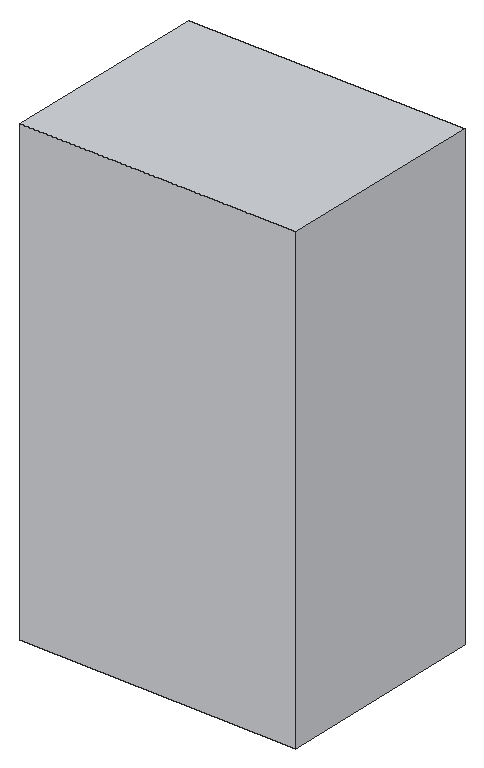
Revit family
Parameters
  Warranty Duration (Years) = 0
  URL = "http://www.americanspecialties.com/viewCategories.cfm"
  Hook [instance] = Metal - Chrome
  Test Data = ""
  Brackets [instance] = Metal - Chrome
  Specification = "http://www.arcat.com/sdspecs/htm/10810asi.htm"
  SpecWizard = ""
  Send Message = "http://www.arcat.com/users.pl?action=UserEmail&company=American%20Specialties,%20Inc.&coid=30448&rep=139&fax=914-476-0688&mf="
  Sales Information = "http://www.americanspecialties.com/contact"
  Revision = "R1_10-2010"
  Product Properties = "http://www.americanspecialties.com/datasheets/0719.pdf"
  Product Data = "http://www.arcat.com/arcatcos/cos30/arc30448.html"
  Model = "As Specified in 10 28 13"
  Manufacturer Website = "http://www.americanspecialties.com/viewCategories.cfm"
  Manufacturer Phone - Toll Free = ""
  Manufacturer Phone = "914-476-9000 "
  Manufacturer Fax = "914-476-0688"
  Manufacturer Address = "441 Saw Mill River Rd., Yonkers, NY 10701"
  Manufacturer = "American Specialties, Inc."
  Maintenance Schedule (Months) = 0
  Keynote = "10 28 13"
  Installation-Fabrication = "http://www.americanspecialties.com/products.cfm"
  Green Building-LEED = ""
  Expected Lifespan (Years) = 0
  Bumper [instance] = Rubber
  Drawn By = "Robert S. Weygant. CSI, CDT, SCIP"  # constant formula
  Description = "Toilet Accessory as Specified in 10 28 13"
  Default Elevation = 4' - 0"
  Copyright = "©Arcat Inc."
  Construction Details = "http://www.arcat.com/green/clients/leed_data_30448.html"
  Building Codes = "http://www.americanspecialties.com/products.cfm"
  Assembly Code = "C1030210"
Reference planes (in)
  plane 1 "Center (Front/Back)": y = -0.29112
  plane 2 "Floor Line": z = 0
  plane 3 "Center (Left/Right)": x = -0.65843
  plane 4: z = 0.09375
  plane 5: z = 1.875
  plane 6: z = 1.625
Forms (in)
  Extrusion 1, solid
    sketch origin (-3, -9, -6) x (0, 0, -1) y (1, 0, 0)
      loop
        line (-82, 26) -> (-82, -19.34712) -> (-6, -19.34712) -> (-6, 26) -> (-82, 26)
    from 9 to -25.60721
  Extrusion 2, solid, material "Metal - Chrome" <- "Brackets"
    sketch origin (-14.32416, 1.98146, 0) x (-1, 0, 0) y (0, -1, 0)
      loop
        circle (-13.66573, 2.27258) r 1.09375
    from 0 to 0.09375
  Revolve 3, solid, material "Metal - Chrome" <- "Hook"
    sketch origin (0, -0.29112, 0) x (1, 0, 0) y (0, 0, 1)
      loop
        line (-0.65843, 1.625) -> (-0.65843, 0.09375) -> (-0.09387, 0.09375)
        arc (-0.09387, 0.09375) -> (-0.142, 0.14401) -> (-0.167, 0.20895) r 0.17678
        line (-0.167, 0.20895) -> (-0.39901, 1.56565)
        arc (-0.39901, 1.56565) -> (-0.42285, 1.60776) -> (-0.46806, 1.625) r 0.0714
        line (-0.46806, 1.625) -> (-0.65843, 1.625)
      axis (-0.65843, 1.625) -> (-0.65843, 0.09375)
    angle from 0 to 360
  Revolve 4, solid, material "Rubber" <- "Bumper"
    sketch origin (0, -0.29112, 0) x (1, 0, 0) y (0, 0, 1)
      loop
        arc (-0.65843, 1.875) -> (-0.75516, 1.87016) -> (-0.84988, 1.84995) r 0.60496
        line (-0.84988, 1.84995) -> (-0.84988, 1.625) -> (-0.65843, 1.625) -> (-0.65843, 1.875)
      axis (-0.65843, 1.625) -> (-0.65843, 1.875)
    angle from 0 to 360
  Extrusion 5, void
    sketch origin (0, 0, 0) x (1, 0, 0) y (0, 1, 0)
      loop
        circle (0.15407, -0.29112) r 0.125
      loop
        circle (-1.47093, -0.29112) r 0.125
    from 0 to 0.09375
Cuts and joins
  Extrusion 5 cuts Extrusion 2
  Extrusion 5 cuts Revolve 3
  Extrusion 5 cuts Revolve 4
Dimensions and locks (in)
  aligned and locked: plane 4 to Extrusion 2
  aligned and locked: Extrusion 2 to plane 4
  aligned and locked: Revolve 3 sketch curve to plane 3 "Center (Left/Right)"
  aligned and locked: Extrusion 2 to Extrusion 5
  aligned and locked: Extrusion 5 to level
